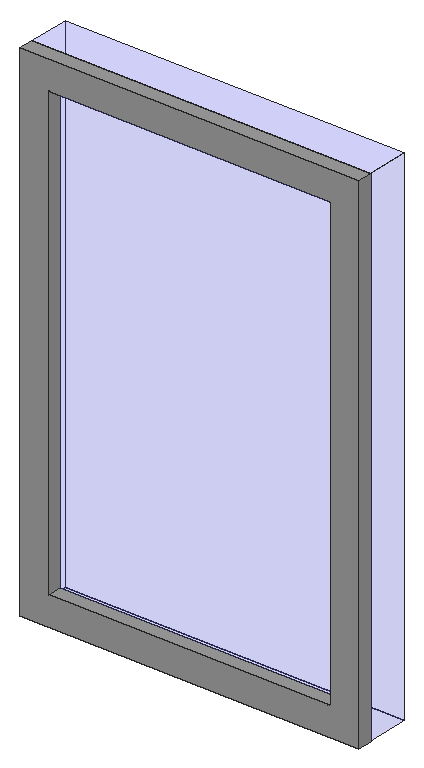
Revit family
Reference planes (in)
  plane 1 "Center (Front/Back)": y = 0
  plane 2: z = 0
  plane 3 "Center (Left/Right)": x = 0
Forms (in)
  Extrusion 1, solid, material "Glass 2"
    sketch origin (0, 0, 0) x (1, 0, 0) y (0, 0, 1)
      loop
        line (-6, 18) -> (-6, 0) -> (6, 0) -> (6, 18) -> (-6, 18)
    from 0 to 1.5
  Extrusion 2, solid, material "Default"
    sketch origin (0, 0, 0) x (1, 0, 0) y (0, 0, 1)
      loop
        line (-6, 18) -> (-6, 0) -> (6, 0) -> (6, 18) -> (-6, 18)
      loop
        line (-5, 17) -> (-5, 1) -> (5, 1) -> (5, 17) -> (-5, 17)
    from 1.5 to 2
Lines and regions (in)
  model lines
    curve 1: line (0, 0, 0) -> (6, 0, 0)
    curve 2: line (-6, 0, 0) -> (0, 0, 0)
    curve 3: line (-6, 0, 0) -> (6, 0, 0)
    curve 4: line (6, 0, 0) -> (6, 0, 18)
    curve 5: line (6, 0, 18) -> (-6, 0, 18)
    curve 6: line (-6, 0, 18) -> (-6, 0, 0)
